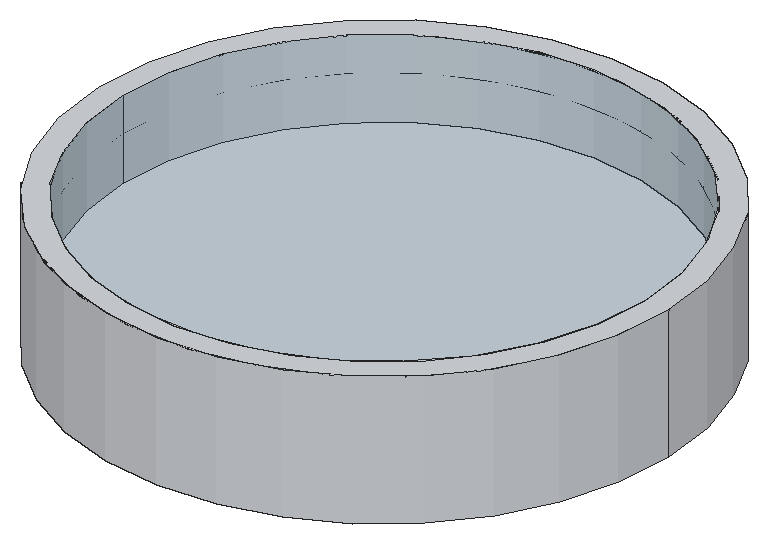
Revit family "Lighting-CommercialSector-GEWISS-ELIA-EL-LED_LUMINAIRES_WALLMOUNTED", category Apparecchi per illuminazione, host Superficie, Revit 2019
Family settings
  Host = Superficie
  Quota connettore circolare = Usa diametro
  Tipo di parte = Normale
  Taglio con vuoti quando caricato = No
  Sorgente d'illuminazione = Sì
  Condiviso = No
  Punto di calcolo locali = Sì
Parameters (values of type "GWF2210LA830 - ELIA EL ST AL ON/OFF 3000K WHITE")
  larghezza lampada = Lugnezza massima - 24 mm  # 50 mm
  Wiring = "With connection terminal"
  Wattage = 9.2903 W
  Warranty = "5 years"
  Visibilità etichetta [instance] = yes
  Visibilità simbolo [instance] = yes
  Visibilità lampada in pianta [instance] = yes
  Versions = "Standard White"
  Version file RFA = "21.4"
  Variazione temperatura colore lampada con luminosità attenuata = <Nessuno>
  Unique digital code (Datamatrix) = "Currently not present"
  Unified Glare Rating = "UGR < 25"
  URL = "https://www.gewiss.com/ww/en"
  Type of light source = "LED - Not replaceable"
  Tilt- = "-"
  built-in parameter 1150107 = 3200 (stored number, unit not read)
  Technical sheet = "https://www.gewiss.com/ww/en/search?q=GWF2210LA830"
  System power : = ""
  Stocking temperature = "-20° +65°"
  Standards and approvals = "-"
  Standard- = "-"
  Standard Deviation Colour Matching = "SDCM = 5"
  Spostamento_x_effettivo [instance] = 4000 mm - Spostamento_x  # 4000 mm
  Spostamento_x [instance] = 0 mm
  Spostamento_y_effettivo [instance] = 4000 mm - Spostamento_y  # 4000 mm
  Spostamento_y [instance] = 0 mm
  Shock resistance = "IK08"
  Shield type = "Polycarbonate"
  SEO = "Luminaire"
  Rendi la forma visibile nel rendering = no
  Realized by GEWISS S.p.A. = ""
  Rated frequency (Hz) = "50/60 Hz"
  ROTAZIONE [instance] = 45
  Photobiological Risk Class = "RG0"
  built-in parameter 1150110 = 1 (stored number, unit not read)
  built-in parameter 1150109 = 1 (stored number, unit not read)
  built-in parameter 1114218 = 1 (stored number, unit not read)
  built-in parameter 1150112 = 1 (stored number, unit not read)
  POSIZIONE = 80000  # constant formula
  Overvoltage protection = "DM 0,5KV / CM 1KV"
  Optic and illuminating features = "-"
  Optic Maintenance = "Not available"
  Optic : = "-"
  Optic = "Wide opal"
  Operating temperature : = "-20°C - +50°C"
  built-in parameter 1150142 = (empty or 0)
  Mouting and installation = "Wall and ceiling"
  built-in parameter 1150137 = (empty or 0)
  built-in parameter 1150132 = (empty or 0)
  Maximum surface exposed to the wind : = "-"
  Materials = "-"
  Luminaire = "LED luminaire for diffuse light"
  Lumen output (lm) : = ""
  Lugnezza massima = 74 mm
  Locking Hook = "-"
  Lifetime = "L80B50 (Tq25°C) = 50.000h"
  LED Maintenance = "Not available"
  built-in parameter 1150105 = 109.82 (stored number, unit not read)
  built-in parameter 1150102 = (empty or 0)
  Insulation class = "I"
  Installationa and maintenance = "-"
  built-in parameter 1150106 = 1.0982 (stored number, unit not read)
  Default Elevation = 1219.2 mm
  Produttore = "GEWISS S.p.A."
  Nome quadro [instance] = "330W"
  Modello = "GWF2210LA830"
  Immagine tipo = EliaEL.jpg
  IPEA = "-"
  IP degree = "IP65"
  IDT = "f04db626-c8ae-45e8-9758-cb7993f1b724"
  IDF = "29759728-ff56-4e85-a590-86c768caeca6"
  Glow Wire Test : = "750 °C"
  General information = "-"
  Gasket = "-"
  Lumens = 1380 lm
  Fixing = "Stainless steel support"
  Color Filter = 16777215
  File diagramma fotometrico = "generic"
  built-in parameter 1114217 = 1 (stored number, unit not read)
  built-in parameter 1150139 = (empty or 0)
  External screw = "-"
  Emetti da diametro cerchio = 220 mm
  Eletrical and lighting features = "-"
  Electrocod = "2419"
  built-in parameter 1150104 = 13.8 (stored number, unit not read)
  EAN code = "8034035077517"
  Driver failure rate = "F025 = 50.000h Tq 25°C"
  Driver Box = "Built-in"
  Driver = "Included"
  Distanza dal host [instance] = 0 mm
  built-in parameter 1150115 = 1 (stored number, unit not read)
  built-in parameter 1150114 = 1 (stored number, unit not read)
  built-in parameter 1150113 = 1 (stored number, unit not read)
  Device with reduced surface temperature = "-"
  Descrizione = "ELIA EL ST AL ON/OFF 3000K WHITE"
  DIN 18032-3 certification = "-"
  Control System = "Stand alone"
  Context = "Wall / ceiling lighting"
  Colour : = "-"
  Colour = "White"
  built-in parameter 1150134 = 3
  built-in parameter 1150138 = (empty or 0)
  Color Rendering Index = "CRI>80"
  Classification: = "-"
  Catalogue = "LIGHTING"
  COBie.Tagnumber = ""
  COBie.CreatedOn = ""
  COBie.CreatebBy = ""
  COBie.ComponentRegisterItemID = ""
  COBie.Component.TagNumber = ""
  COBie.Component.Space = ""
  COBie.Component.SerialNumber = ""
  COBie.Component.InstallationDate = ""
  COBie.Component.Description = ""
  COBie.Component.BarCode = ""
  Body = "Die-cast aluminium -"
  Application = "Indoor / Outdoor"
  Tilt Angle = 90.00°
  built-in parameter 1150133 = 10 (stored number, unit not read)
Types (12, lengths in mm): name | Warranty | Versions | Technical sheet | System power : | Lumen output (lm) : | Modello | IDT | EAN code | Descrizione | Control System | Colour | Application
  GWF2204LA830 - ELIA EL EMERGENCY 3000K BLACK | "3 years" | "Black Emergency" | "https://www.gewiss.com/ww/en/search?q=GWF2204LA830" | "18 W" | "1500 (440 Em.)" | "GWF2204LA830" | "16e415a7-f5be-4ade-a9c0-93833e91667d" | "8034035077425" | "ELIA EL EMERGENCY 3000K BLACK" | "Emergency" | "Black" | "Indoor / Outdoor"
  GWF2204LA840 - ELIA EL EMERGENCY 4000K BLACK | "3 years" | "Black Emergency" | "https://www.gewiss.com/ww/en/search?q=GWF2204LA840" | "18 W" | "1650 (440 Em.)" | "GWF2204LA840" | "3ae2989d-5f3a-4116-aa82-b00f533ed723" | "8034035077432" | "ELIA EL EMERGENCY 4000K BLACK" | "Emergency" | "Black" | "Indoor / Outdoor"
  GWF2204LA857 - ELIA EL EMERGENCY 5700K BLACK | "3 years" | "Black Emergency" | "https://www.gewiss.com/ww/en/search?q=GWF2204LA857" | "18 W" | "1700 (440 Em.)" | "GWF2204LA857" | "32d3cc87-daf1-4c0b-ba10-01ea4854d5cc" | "8034035077449" | "ELIA EL EMERGENCY 5700K BLACK" | "Emergency" | "Black" | "Indoor / Outdoor"
  GWF2200LA830 - ELIA EL ST AL ON/OFF 3000K BLACK | "5 years" | "Standard Black" | "https://www.gewiss.com/ww/en/search?q=GWF2200LA830" | "" | "" | "GWF2200LA830" | "6be6ee53-5e7b-46e8-8f75-83e10415d25d" | "8034035077456" | "ELIA EL ST AL ON/OFF 3000K BLACK" | "Stand alone" | "Black" | "External"
  GWF2200LA840 - ELIA EL ST AL ON/OFF 4000K BLACK | "5 years" | "Standard Black" | "https://www.gewiss.com/ww/en/search?q=GWF2200LA840" | "" | "" | "GWF2200LA840" | "ad74650b-5adc-4951-bcd6-07d5202e4cf3" | "8034035077463" | "ELIA EL ST AL ON/OFF 4000K BLACK" | "Stand alone" | "Black" | "Indoor / Outdoor"
  GWF2200LA857 - ELIA EL ST AL ON/OFF 5700K BLACK | "5 years" | "Standard Black" | "https://www.gewiss.com/ww/en/search?q=GWF2200LA857" | "" | "" | "GWF2200LA857" | "f3dbb43b-bcc0-44b1-8e78-4246b4d6141a" | "8034035077470" | "ELIA EL ST AL ON/OFF 5700K BLACK" | "Stand alone" | "Black" | "Indoor / Outdoor"
  GWF2214LA830 - ELIA EL EMERGENCY 3000K WHITE | "3 years" | "White Emergency" | "https://www.gewiss.com/ww/en/search?q=GWF2214LA830" | "18 W" | "1500 (440 Em.)" | "GWF2214LA830" | "3f7ee097-3024-41df-900a-b25f17a2415b" | "8034035077487" | "ELIA EL EMERGENCY 3000K WHITE" | "Emergency" | "White" | "Indoor / Outdoor"
  GWF2214LA840 - ELIA EL EMERGENCY 4000K WHITE | "3 years" | "White Emergency" | "https://www.gewiss.com/ww/en/search?q=GWF2214LA840" | "18 W" | "1650 (440 Em.)" | "GWF2214LA840" | "904ad71e-e512-4f91-ad52-f5719fd92993" | "8034035077494" | "ELIA EL EMERGENCY 4000K WHITE" | "Emergency" | "White" | "Indoor / Outdoor"
  GWF2214LA857 - ELIA EL EMERGENCY 5700K WHITE | "3 years" | "White Emergency" | "https://www.gewiss.com/ww/en/search?q=GWF2214LA857" | "18 W" | "1700 (440 Em.)" | "GWF2214LA857" | "975f0128-f955-4e6d-8143-72dbaecd7f6f" | "8034035077500" | "ELIA EL EMERGENCY 5700K WHITE" | "Emergency" | "White" | "Indoor / Outdoor"
  GWF2210LA830 - ELIA EL ST AL ON/OFF 3000K WHITE | "5 years" | "Standard White" | "https://www.gewiss.com/ww/en/search?q=GWF2210LA830" | "" | "" | "GWF2210LA830" | "f04db626-c8ae-45e8-9758-cb7993f1b724" | "8034035077517" | "ELIA EL ST AL ON/OFF 3000K WHITE" | "Stand alone" | "White" | "Indoor / Outdoor"
  GWF2210LA840 - ELIA EL ST AL ON/OFF 4000K WHITE | "5 years" | "Standard White" | "https://www.gewiss.com/ww/en/search?q=GWF2210LA840" | "" | "" | "GWF2210LA840" | "3f446260-34e3-4b85-badc-e8fffc03c345" | "8034035077524" | "ELIA EL ST AL ON/OFF 4000K WHITE" | "Stand alone" | "White" | "Indoor / Outdoor"
  GWF2210LA857 - ELIA EL ST AL ON/OFF 5700K WHITE | "5 years" | "Standard White" | "https://www.gewiss.com/ww/en/search?q=GWF2210LA857" | "" | "" | "GWF2210LA857" | "090c35b8-e135-40e2-afd5-92131ca0aa34" | "8034035077531" | "ELIA EL ST AL ON/OFF 5700K WHITE" | "Stand alone" | "White" | "Indoor / Outdoor"
Reference planes
  plane 1 "Centro (Fronte/Retro)": y = 0
  plane 2: z = 0
  plane 3 "Centro (Sinistra/Destra)": x = 0
  plane 4: x = -4000
  plane 5: x = 0
  plane 6: x = 0
  plane 7: y = -4000
  plane 8: y = 0
  plane 9: y = -410.182
  plane 10: y = 410.182
  plane 11 "a": through (0, -290.182, 34.975) normal (0, -0.7071, 0.7071)
  plane 12: through (-235.047, -128.222, 1219.2) normal (-0.9563, 0.2924, 0)
  plane 13: through (-40, -89.462, 1219.2) normal (0.1564, 0.9877, 0)
  plane 14: through (239.503, 190.64, 1219.2) normal (0.9563, -0.2924, 0)
Dimensions and locks
  plane 4 to plane 3 "Centro (Sinistra/Destra)" = 4000 mm  (x2)
  "Spostamento_x_effettivo": plane 4 to plane 5
  "Spostamento_x_effettivo": plane 6 to plane 4
  "Spostamento_y_effettivo": plane 8 to plane 7
  plane 1 "Centro (Fronte/Retro)" to plane 7 = 4000 mm
  equal spacing: plane 10, plane 1 "Centro (Fronte/Retro)", plane 9
  plane 10 to plane 9 = 820.364 mm
  angle plane 13 to plane 14 = 82.00°  (x2)
  angle plane 12 to plane 13 = 98.00°
  aligned and locked: plane 2 to host face
  aligned and locked: level to host face
  aligned and locked: plane 6 to nested 1
  aligned and locked: nested 1 to plane 8
  aligned and locked: plane 3 "Centro (Sinistra/Destra)" to imposter light
  aligned and locked: plane 6 to imposter light
  aligned and locked: plane 1 "Centro (Fronte/Retro)" to nested 2
  aligned and locked: imposter light to nested 2
  aligned and locked: imposter light to plane 1 "Centro (Fronte/Retro)"
  aligned and locked: nested 2 to imposter light
Automatic sketch dimensions
  host sketch curve to host sketch curve = 2438.4 mm  (x2)
Nested families
  nested 1: "Etichetta light" at (0, 0, 0), visible <- "Visibilità etichetta", type "Etichetta light"
  nested 2: "ELIA EL_base" at (0, 0, 21.153), type "ELIA EL_base"
Definition of nested family "ELIA EL_base"
  Parameters (values of type "ELIA EL_base")
    Led = none
    sp_lampada = 58 mm
    diametro = 250 mm
    d2 = diametro - 20 mm  # 230 mm
    Finitura struttura = none
  Reference planes
    plane 1 "Centro (Fronte/Retro)": y = 0
    plane 2: z = 0
    plane 3 "Centro (Sinistra/Destra)": x = 0
    plane 4: z = 58
    plane 5: z = 23.542
    plane 6: z = 43
  Forms (mm)
    Extrusion 1, solid
      sketch origin (0, 0, 0) x (1, 0, 0) y (0, 1, 0)
        loop
          circle (0, 0) r 125
        loop
          circle (0, 0) r 115
      from 0 to 58
    Extrusion 2, solid
      sketch origin (0, 0, 0) x (1, 0, 0) y (0, 1, 0)
        loop
          circle (0, 0) r 115
      from 0 to 23.542
    Extrusion 3, solid, material <- "Led"
      sketch origin (0, 0, 0) x (1, 0, 0) y (0, 1, 0)
        loop
          circle (0, 0) r 115
      from 43 to 58
  Dimensions and locks
    "sp_lampada": plane 4 to plane 2
    locked: plane 4 to plane 5 at 34.458
    locked: plane 4 to plane 6 at 15
    "diametro": diameter of Extrusion 1 sketch curve
    "d2": diameter of Extrusion 1 sketch curve
    "diametro": diameter of Extrusion 1
    "d2": diameter of Extrusion 2 sketch curve
    "d2": diameter of Extrusion 3 sketch curve
    aligned and locked: level to plane 2
    aligned and locked: plane 3 "Centro (Sinistra/Destra)" to Extrusion 1 sketch curve  (x2)
    aligned and locked: plane 1 "Centro (Fronte/Retro)" to Extrusion 1 sketch curve  (x2)
    aligned and locked: plane 4 to Extrusion 1
    aligned and locked: Extrusion 1 to level
    aligned and locked: plane 5 to Extrusion 2
    aligned and locked: plane 3 "Centro (Sinistra/Destra)" to Extrusion 3 sketch curve
    aligned and locked: plane 1 "Centro (Fronte/Retro)" to Extrusion 3 sketch curve
    aligned and locked: Extrusion 3 to plane 6
    aligned and locked: plane 4 to Extrusion 3
  Automatic sketch dimensions
    plane 1 "Centro (Fronte/Retro)" to Extrusion 2 sketch curve = 0 mm
    Extrusion 2 sketch curve to plane 3 "Centro (Sinistra/Destra)" = 0 mm
Definition of nested family "Etichetta light"
  Parameters (values of type "ETICHETTA LIGHT")
    COMMENTI = "330W"
  Reference planes
    plane 1: y = 0
    plane 2: x = 0
  Text (mm)
    label "COMMENTI" at (-0.057, 0.105, 0), shows "COMMENTI"
